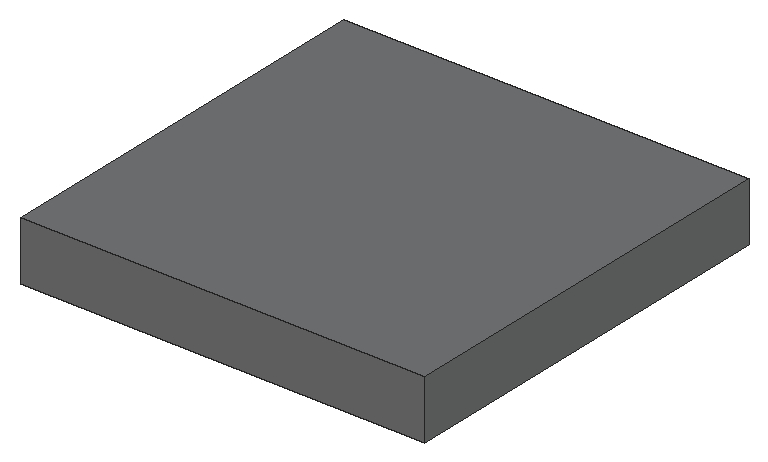
Revit family "Gira_027102", category Electrical Fixtures, host Face, Revit 2017
Family settings
  Host = Face
  Maintain Annotation Orientation = No
  Round Connector Dimension = Use Diameter
  Part Type = Normal
  Cut with Voids When Loaded = No
  Shared = No
  Room Calculation Point = No
Parameters (values of type "Abd. Tragring Taster Ø 22,5 mm System 55 Gelb")
  Zusammenstellung = "Zentralplatte"
  Werkstoffgüte = "sonstige"
  Werkstoff = "Kunststoff"
  Verwendung = "sonstige"
  URL = "http://katalog.gira.de/de_DE/datenblatt.html?artikelnr=027102"
  Transparent = "No"
  Tragring = "Yes"
  Region = "DE"
  Oberfläche = "sonstige"
  Name = "Abd. Tragring Taster Ø 22,5 mm System 55 Gelb"
  Montageart = "unter Putz"
  Mit Zugentlastung = "No"
  Mit Staubschutz = "No"
  Mit Klappdeckel = "No"
  Mit Aufdruck = "No"
  Manufacturer URL = "https://www.gira.de/"
  Lüsterklemme = "No"
  Keynote = "Sys55_Abdeckung_Schalten und Tasten"
  HeinzeBIM = "https://bimportal.heinze.de/bim/abd-tragring-taster-22-5-mm-system-55-gelb/1569bd65899b65712e1fe07ca2e50dc415ea14c1"
  Halogenfrei = "Yes"
  HAN = "027102"
  Geeignet für Schutzart (IP) = "IP20"
  GTIN = "4010337271024"
  Farbe = "gelb"
  Default Elevation = 1219.2 mm
  Data sheet (1) = "https://katalog.gira.de/de_DE/download.html?artikelnr=027102"
  Category = "Einsatz/Abdeckung für Kommunikationstechnik"
  Beschriftungsfeld = "ohne Beschriftungsfeld"
  Befestigungsart = "Befestigung mit Schraube"
  Available = "Yes"
  Ausführung der Oberfläche = "glänzend"
  Anthrazit [instance] = Anthrazit
Reference planes
  plane 1 "Center (Front/Back)": y = 0
  plane 2: z = 0
  plane 3 "Center (Left/Right)": x = 0
Forms (mm)
  Extrusion 1, solid, material "Anthrazit" <- "Anthrazit", detail levels fine
    sketch origin (0, 0, 0) x (1, 0, 0) y (0, 1, 0)
      loop
        line (-27.5, 27.5) -> (-27.5, -27.5) -> (27.5, -27.5) -> (27.5, 27.5) -> (-27.5, 27.5)
    from 0 to 8
  Extrusion 2, void
    sketch origin (0, 0, 0) x (1, 0, 0) y (0, 1, 0)
      loop
        line (26, 26) -> (-26, 26) -> (-26, -26) -> (26, -26) -> (26, 26)
    from 0 to 6
  Extrusion 3, solid, material "Anthrazit" <- "Anthrazit", detail levels medium
    sketch origin (0, 0, 0) x (1, 0, 0) y (0, 1, 0)
      loop
        line (-27.5, 27.5) -> (-27.5, -27.5) -> (27.5, -27.5) -> (27.5, 27.5) -> (-27.5, 27.5)
    from 0 to 8
  Extrusion 4, solid, material "Anthrazit" <- "Anthrazit", detail levels medium
    sketch origin (0, 0, 0) x (1, 0, 0) y (0, 1, 0)
      loop
        line (11, -17.5) -> (11, 17.5) -> (-11, 17.5) -> (-11, -17.5) -> (11, -17.5)
    from -6 to 6
  Extrusion 5, solid, material "Anthrazit" <- "Anthrazit", detail levels fine
    sketch origin (0, 0, 0) x (1, 0, 0) y (0, 1, 0)
      loop
        line (11, 17.5) -> (-11, 17.5) -> (-11, 16.5) -> (11, 16.5) -> (11, 17.5)
      loop
        line (-11, -16.5) -> (-11, -17.5) -> (11, -17.5) -> (11, -16.5) -> (-11, -16.5)
    from -4 to 6
  Extrusion 6, solid, material "Anthrazit" <- "Anthrazit", detail levels fine
    sketch origin (0, 0, 0) x (1, 0, 0) y (0, 1, 0)
      loop
        arc (5, 9.347) -> (0, 10.6) -> (-5, 9.347) r 10.6
        line (-5, 9.347) -> (-5, -9.347)
        arc (-5, -9.347) -> (0, -10.6) -> (5, -9.347) r 10.6
        line (5, -9.347) -> (5, 9.347)
    from -6 to 6
  Extrusion 7, solid, material "Anthrazit" <- "Anthrazit", detail levels coarse
    sketch origin (0, 0, 0) x (1, 0, 0) y (0, 1, 0)
      loop
        line (-27.5, 27.5) -> (-27.5, -27.5) -> (27.5, -27.5) -> (27.5, 27.5) -> (-27.5, 27.5)
    from -6 to 8
Cuts and joins
  Extrusion 2 cuts Extrusion 1
Dimensions and locks
  aligned and locked: plane 2 to host face
  aligned and locked: level to host face
